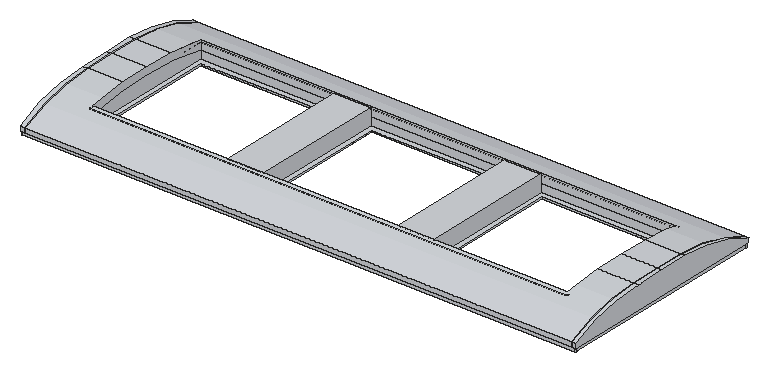
Revit family "Gira_0213326", category Electrical Fixtures, host Face, Revit 2017
Family settings
  Host = Face
  Maintain Annotation Orientation = No
  Round Connector Dimension = Use Diameter
  Part Type = Normal
  Cut with Voids When Loaded = No
  Shared = No
  Room Calculation Point = No
Parameters (values of type "Abdeckrahmen 3f Zwischenr. RW Gira Event F Alu")
  Werkstoffgüte = "Thermoplast"
  Werkstoff = "Kunststoff"
  URL = "http://katalog.gira.de/de_DE/datenblatt.html?artikelnr=0213326"
  Transparent = "No"
  Textfeld/Beschriftungsfläche = "No"
  Schutzart (IP) = "IP20"
  Region = "DE"
  Oberfläche = "sonstige"
  Name = "Abdeckrahmen 3f Zwischenr. RW Gira Event F Alu"
  Montagerichtung = "horizontal und vertikal"
  Mit Klappdeckel = "No"
  Manufacturer URL = "https://www.gira.de/"
  Keynote = "Event_Rahmen_3fach"
  HeinzeBIM = "https://bimportal.heinze.de/bim/abdeckrahmen-3f-zwischenr-rw-gira-event-f-alu/b2c303a3796763854904e6d4c72842c7f06ca386"
  Halogenfrei = "Yes"
  HAN = "0213326"
  Geeignet für Unterputz-Installation = "Yes"
  Geeignet für Unterflurkanaldose = "No"
  Geeignet für Geräteeinbaukanal = "No"
  Geeignet für Einbauinstallation = "No"
  GTIN = "4010337074335"
  Farbe = "aluminium"
  Default Elevation = 1219.2 mm
  Data sheet (1) = "https://katalog.gira.de/de_DE/download.html?artikelnr=0213326"
  Category = "Abdeckrahmen"
  Befestigungsart = "Klemmbefestigung"
  Available = "Yes"
  Ausführung der Oberfläche = "glänzend"
  Anzahl der Einheiten vertikal = "3 "
  Anzahl der Einheiten horizontal = "3 "
  Anzahl der Einheiten = "3 "
Reference planes
  plane 1 "Center (Front/Back)": y = 0
  plane 2: z = 0
  plane 3 "Center (Left/Right)": x = 0
Forms (mm)
  Extrusion 1, solid, detail levels fine
    sketch origin (0, 0, 0.05) x (0, 1, 0) y (0, 0, 1)
      loop
        arc (12.445, 9.683) -> (6.223, 9.833) -> (0, 9.85) r 291.636
        arc (0, 9.85) -> (-6.223, 9.833) -> (-12.445, 9.683) r 291.636
        arc (-12.445, 9.683) -> (-29.14, 7.482) -> (-45, 1.823) r 79.728
        line (-45, 1.823) -> (-45, -0.05) -> (-42.086, -0.05)
        arc (-42.086, -0.05) -> (-21.385, 5.559) -> (0, 7.206) r 114.424
        arc (0, 7.206) -> (21.385, 5.559) -> (42.086, -0.05) r 114.424
        line (42.086, -0.05) -> (45, -0.05) -> (45, 1.823)
        arc (45, 1.823) -> (29.14, 7.482) -> (12.445, 9.683) r 79.728
    from -114.3 to 114.3
  Extrusion 2, void, detail levels fine
    sketch origin (0, 0, 0) x (1, 0, 0) y (0, 1, 0)
      loop
        line (-99.355, -28.053) -> (99.355, -28.053) -> (99.355, 28.053) -> (-99.355, 28.053) -> (-99.355, -28.053)
    from 0.724 to 11
  Extrusion 3, solid, detail levels coarse
    sketch origin (0, 0, 0) x (1, 0, 0) y (0, 1, 0)
      loop
        line (-116.3, 45) -> (-116.3, -45) -> (116.3, -45) -> (116.3, 45) -> (-116.3, 45)
    from -1.5 to 9.9
  Extrusion 4, solid, detail levels medium
    sketch origin (0, 0, 0.05) x (0, 1, 0) y (0, 0, 1)
      loop
        arc (12.445, 9.683) -> (6.223, 9.833) -> (0, 9.85) r 291.636
        arc (0, 9.85) -> (-6.223, 9.833) -> (-12.445, 9.683) r 291.636
        arc (-12.445, 9.683) -> (-29.14, 7.482) -> (-45, 1.823) r 79.728
        line (-45, 1.823) -> (-45, -0.05) -> (45, -0.05) -> (45, 1.823)
        arc (45, 1.823) -> (29.14, 7.482) -> (12.445, 9.683) r 79.728
    from -116.3 to 116.3
  Extrusion 5, solid, detail levels fine
    sketch origin (-71.3, 0, -1.5) x (0, 1, 0) y (0, 0, -1)
      loop
        line (45, -3.373) -> (45, -1.5) -> (-45, -1.5) -> (-45, -3.373)
        arc (-45, -3.373) -> (-29.14, -9.032) -> (-12.445, -11.233) r 79.728
        arc (-12.445, -11.233) -> (-6.223, -11.383) -> (0, -11.4) r 291.636
        arc (0, -11.4) -> (6.223, -11.383) -> (12.445, -11.233) r 291.636
        arc (12.445, -11.233) -> (29.14, -9.032) -> (45, -3.373) r 79.728
    from 43 to 45
  Extrusion 6, solid, detail levels fine
    sketch origin (0, 0, 0) x (1, 0, 0) y (0, 1, 0)
      loop
        line (-97.195, 25.7) -> (-97.195, -25.7) -> (-45.395, -25.7) -> (-45.395, 25.7) -> (-97.195, 25.7)
      loop
        line (25.9, -25.7) -> (25.9, 25.7) -> (-25.9, 25.7) -> (-25.9, -25.7) -> (25.9, -25.7)
      loop
        line (-100.19, 28.49) -> (-100.19, -28.495)
        spline (-100.19, -28.495) -> (-100.181, -28.625) -> (-100.156, -28.754) -> (-100.113, -28.878) -> (-100.056, -28.995) -> (-99.983, -29.104) -> (-99.897, -29.202) -> (-99.798, -29.288) -> (-99.69, -29.361) -> (-99.572, -29.419) -> (-99.448, -29.461) -> (-99.32, -29.486) -> (-99.19, -29.495)
        line (-99.19, -29.495) -> (99.195, -29.495)
        spline (99.195, -29.495) -> (99.325, -29.486) -> (99.454, -29.461) -> (99.578, -29.419) -> (99.695, -29.361) -> (99.804, -29.288) -> (99.902, -29.202) -> (99.988, -29.104) -> (100.061, -28.995) -> (100.119, -28.878) -> (100.161, -28.754) -> (100.186, -28.625) -> (100.195, -28.495)
        line (100.195, -28.495) -> (100.195, 28.49)
        spline (100.195, 28.49) -> (100.186, 28.62) -> (100.161, 28.748) -> (100.119, 28.872) -> (100.061, 28.99) -> (99.988, 29.098) -> (99.902, 29.197) -> (99.804, 29.283) -> (99.695, 29.356) -> (99.578, 29.413) -> (99.454, 29.456) -> (99.325, 29.481) -> (99.195, 29.49)
        line (99.195, 29.49) -> (-99.19, 29.49)
        spline (-99.19, 29.49) -> (-99.32, 29.481) -> (-99.448, 29.456) -> (-99.572, 29.413) -> (-99.69, 29.356) -> (-99.798, 29.283) -> (-99.897, 29.197) -> (-99.983, 29.098) -> (-100.056, 28.99) -> (-100.113, 28.872) -> (-100.156, 28.748) -> (-100.181, 28.62) -> (-100.19, 28.49)
      loop
        line (97.2, -25.7) -> (97.2, 25.7) -> (45.4, 25.7) -> (45.4, -25.7) -> (97.2, -25.7)
    from 0.1 to 7.3
  Extrusion 7, solid
    sketch origin (0, 0, 0) x (1, 0, 0) y (0, 1, 0)
      loop
        arc (-116, -44.2) -> (-115.854, -44.554) -> (-115.5, -44.7) r 0.5
        line (-115.5, -44.7) -> (115.5, -44.7)
        arc (115.5, -44.7) -> (115.854, -44.554) -> (116, -44.2) r 0.5
        line (116, -44.2) -> (116, 44.2)
        arc (116, 44.2) -> (115.854, 44.554) -> (115.5, 44.7) r 0.5
        line (115.5, 44.7) -> (-115.5, 44.7)
        arc (-115.5, 44.7) -> (-115.854, 44.554) -> (-116, 44.2) r 0.5
        line (-116, 44.2) -> (-116, -44.2)
      loop
        line (-114.3, 43) -> (-114.3, -43) -> (114.3, -43) -> (114.3, 43) -> (-114.3, 43)
    from -1.5 to 0.5
  Extrusion 8, solid, detail levels fine
    sketch origin (71.3, 0, -1.5) x (0, 1, 0) y (0, 0, 1)
      loop
        arc (45, 3.373) -> (29.14, 9.032) -> (12.445, 11.233) r 79.728
        arc (12.445, 11.233) -> (6.223, 11.383) -> (0, 11.4) r 291.636
        arc (0, 11.4) -> (-6.223, 11.383) -> (-12.445, 11.233) r 291.636
        arc (-12.445, 11.233) -> (-29.14, 9.032) -> (-45, 3.373) r 79.728
        line (-45, 3.373) -> (-45, 1.5) -> (45, 1.5) -> (45, 3.373)
    from 43 to 45
  Extrusion 9, solid, detail levels medium
    sketch origin (0, 0, 0) x (1, 0, 0) y (0, 1, 0)
      loop
        line (-116, -44.7) -> (116, -44.7) -> (116, 44.7) -> (-116, 44.7) -> (-116, -44.7)
    from -1.5 to 0.5
  Extrusion 10, solid, detail levels fine
    sketch origin (-34.207, 0, 0) x (1, 0, 0) y (0, 1, 0)
      loop
        line (-8.943, 28.063) -> (-8.943, -27.937) -> (6.057, -27.937) -> (6.057, 28.063) -> (-8.943, 28.063)
    from 0.724 to 7.566
  Extrusion 11, solid, detail levels fine
    sketch origin (34.207, 0, 0) x (-1, 0, 0) y (0, -1, 0)
      loop
        line (-8.943, -28.063) -> (6.057, -28.063) -> (6.057, 27.937) -> (-8.943, 27.937) -> (-8.943, -28.063)
    from 0.724 to 7.566
Cuts and joins
  Extrusion 2 cuts Extrusion 1
  Extrusion 2 cuts Extrusion 6
Dimensions and locks
  aligned and locked: plane 2 to host face
  aligned and locked: level to host face
